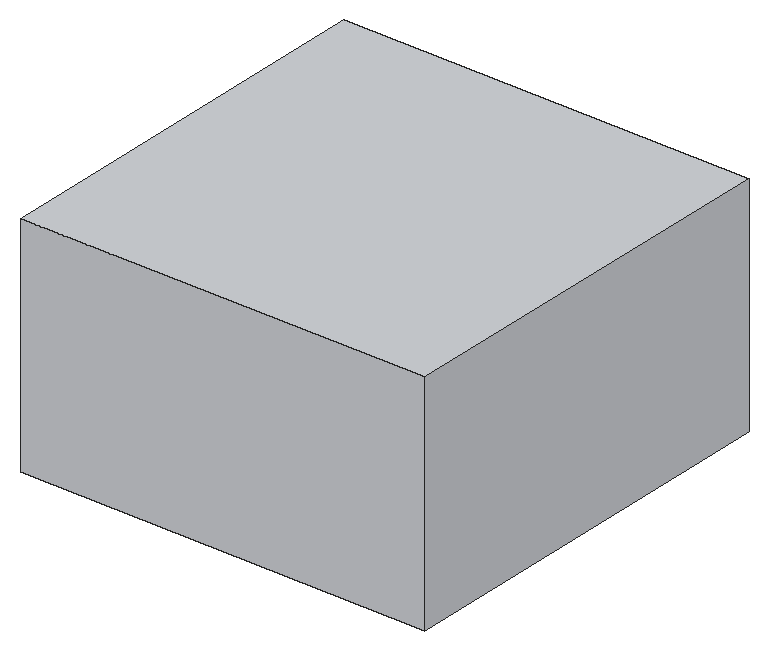
Revit family "M_Conduit Junction Box - Cross Conector En Fondo - PVC", category Conduit Fittings, Revit 2025
Family settings
  Round Connector Dimension = Use Radius
  Part Type = Cross
  OmniClass Number = 23.80.30.17.11
  OmniClass Title = Conduits
  Work Plane-Based = No
  Always vertical = Yes
  Cut with Voids When Loaded = No
  Shared = No
Parameters (values of type "Standard")
  Width [instance] = Length  # 114 mm
  Nominal Radius 5 [instance] = 8 mm
  Nominal Radius 4 [instance] = 8 mm
  Nominal Radius 3 [instance] = 8 mm
  Nominal Radius 2 [instance] = 8 mm
  Nominal Radius 1 [instance] = 8 mm
  Nominal Diameter 5 [instance] = Nominal Radius 5 * 2  # 16 mm
  Nominal Diameter 4 [instance] = Nominal Radius 4 * 2  # 16 mm
  Nominal Diameter 3 [instance] = Nominal Radius 3 * 2  # 16 mm
  Nominal Diameter 2 [instance] = Nominal Radius 2 * 2  # 16 mm
  Nominal Diameter 1 [instance] = Nominal Radius 1 * 2  # 16 mm
  Max Nominal Diameter 34 [instance] = if(Nominal Diameter 3 > Nominal Diameter 4, Nominal Diameter 3, Nominal Diameter 4)  # 16 mm
  Max Nominal Diameter 1234 [instance] = if(Max Nominal Diameter 12 > Max Nominal Diameter 34, Max Nominal Diameter 12, Max Nominal Diameter 34)  # 16 mm
  Max Nominal Diameter 12 [instance] = if(Nominal Diameter 1 > Nominal Diameter 2, Nominal Diameter 1, Nominal Diameter 2)  # 16 mm
  Height [instance] = if(not(Max Nominal Diameter 1234 > 27 mm), 64 mm, if(Max Nominal Diameter 1234 < 155 mm, 152 mm, Max Nominal Diameter 1234 * 1.2))  # 64 mm
  Length [instance] = if(not(Max Nominal Diameter 1234 > 27 mm), 114 mm, 6 * Max Nominal Diameter 1234)  # 114 mm
  Default Elevation = 0 mm
Reference planes
  plane 1 "Center (Front/Back)": y = 0
  plane 2: z = 0
  plane 3 "Center (Left/Right)": x = 0
  plane 4: x = -57
  plane 5: x = 57
  plane 6: y = 57
  plane 7: y = -57
  plane 8: z = 32
  plane 9: z = -32
Forms (mm)
  Extrusion 1, solid
    sketch origin (0, 0, 0) x (1, 0, 0) y (0, 1, 0)
      loop
        line (-57, 57) -> (-57, -57) -> (57, -57) -> (57, 57) -> (-57, 57)
    from -32 to 32
Dimensions and locks
  equal spacing: plane 4, plane 3 "Center (Left/Right)", plane 5
  "Length": plane 4 to plane 5
  equal spacing: plane 6, plane 1 "Center (Front/Back)", plane 7
  "Width": plane 6 to plane 7
  equal spacing: plane 8, plane 2, plane 9
  "Height": plane 8 to plane 9
  aligned and locked: Extrusion 1 sketch curve to plane 6
  aligned and locked: plane 4 to Extrusion 1 sketch curve
  aligned and locked: plane 7 to Extrusion 1 sketch curve
  aligned and locked: Extrusion 1 sketch curve to plane 5
  aligned and locked: Extrusion 1 to plane 9
  aligned and locked: plane 8 to Extrusion 1
Connectors
  cabletrayconduit at (-57, 0, 0), diameter 16, driven by "Nominal Radius 1"
    settings: on Extrusion 1, index 1, connector width 304.8 mm, connector height 304.8 mm, connector angle 0.00°, system type 32, placement type 0, profile type 0, connector reference index 2, is primary connector yes, connector utility param no, connector description ""
  cabletrayconduit at (57, 0, 0), diameter 16, driven by "Nominal Radius 2"
    settings: on Extrusion 1, index 2, connector width 304.8 mm, connector height 304.8 mm, connector angle 0.00°, system type 32, placement type 0, profile type 0, connector reference index 1, is primary connector no, connector utility param no, connector description ""
  cabletrayconduit at (0, -57, 0), diameter 16, driven by "Nominal Radius 3"
    settings: on Extrusion 1, index 3, connector width 304.8 mm, connector height 304.8 mm, connector angle 0.00°, system type 32, placement type 0, profile type 0, connector reference index 4, is primary connector no, connector utility param no, connector description ""
  cabletrayconduit at (0, 57, 0), diameter 16, driven by "Nominal Radius 4"
    settings: on Extrusion 1, index 4, connector width 304.8 mm, connector height 304.8 mm, connector angle 0.00°, system type 32, placement type 0, profile type 0, connector reference index 3, is primary connector no, connector utility param no, connector description ""
  cabletrayconduit at (0, 0, -32), diameter 16, driven by "Nominal Radius 5"
    settings: on Extrusion 1, index 5, connector width 300 mm, connector height 300 mm, connector angle 0.00°, system type 32, placement type 0, profile type 0, connector reference index -1, is primary connector no, connector utility param no, connector description ""
